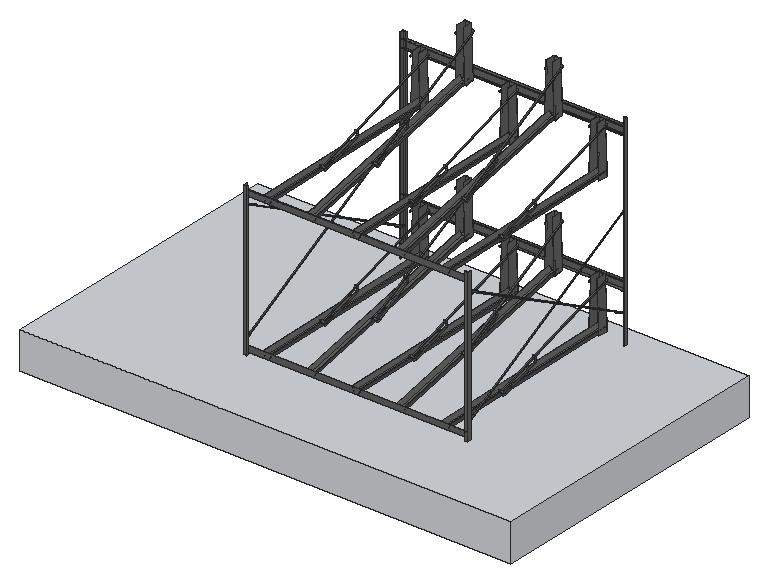
Revit family "Bike_Rack-Saris_Parking-Stretch_Rack", category Site, host Face, Revit 2014 (continued)
Definition of nested family "Bicycle-Saris_Parking-2D"
  Definition of nested family "LEFT"
    Lines and regions (in)
      model lines, style "Bike 2D", detail levels medium+fine
        curve 106: line (0, -21.09746, 12.70065) -> (0, -21.32757, 12.79838)
        curve 107: arc (0, -5.69218, 14.35613) -> (0, -5.59065, 14.4921) -> (0, -5.71626, 14.60619) r 0.12619
        curve 108: arc (0, -13.37848, 26.39811) -> (0, -13.68327, 26.22041) -> (0, -13.95705, 25.99787) r 2.28332
        curve 109: arc (0, -11.75933, 25.71042) -> (0, -11.99902, 25.49888) -> (0, -12.16738, 25.22711) r 1.09462
        curve 110: line (0, 5.85682, 15.07507) -> (0, 10.95116, 27.0753)
        curve 111: line (0, 12.04358, 26.72966) -> (0, 7.10683, 15.10066)
        curve 112: spline (0, 11.59515, 26.96467) -> (0, 11.58646, 26.97517) -> (0, 11.59089, 27.01207) -> (0, 11.60812, 27.07272) -> (0, 11.63693, 27.15276) -> (0, 11.67523, 27.24647) -> (0, 11.7203, 27.3471) -> (0, 11.76888, 27.44745) -> (0, 11.81749, 27.5403) -> (0, 11.86265, 27.619) -> (0, 11.90112, 27.6779) -> (0, 11.93013, 27.71277) -> (0, 11.9476, 27.72111)
        curve 113: arc (0, 5.08647, 15.05931) -> (0, 13.35572, 15.11623) -> (0, 21.60161, 14.49254) r 100.41611
        curve 114: arc (0, 2.21953, 10.62713) -> (0, 2.51533, 13.57912) -> (0, 5.08647, 15.05931) r 3.24803
        curve 115: arc (0, 7.30564, 9.31658) -> (0, 6.14159, 8.7021) -> (0, 4.82916, 8.60135) r 3.24016
        curve 116: arc (0, 4.82916, 8.60135) -> (0, 3.6254, 9.00727) -> (0, 2.67023, 9.8448) r 3.24016
        curve 117: arc (0, 2.67023, 9.8448) -> (0, 2.41583, 10.21923) -> (0, 2.21953, 10.62713) r 3.05648
        curve 118: arc (0, 8.1489, 10.38265) -> (0, 8.06709, 10.2274) -> (0, 7.97699, 10.07681) r 3.24016
        curve 119: line (0, 9.20645, 7.8671) -> (0, 5.68896, 10.5494)
        curve 120: line (0, 6.3917, 11.42256) -> (0, 10.35726, 8.05621)
        curve 121: arc (0, 1.25814, 16.05593) -> (0, 1.21661, 15.8701) -> (0, 1.07428, 15.7436) r 0.31
        curve 122: arc (0, 0.88633, 16.70944) -> (0, 1.11297, 16.63923) -> (0, 1.22358, 16.42933) r 0.31
        curve 123: line (0, 0.50795, 16.67442) -> (0, 0.88633, 16.70944)
        curve 124: line (0, 1.22358, 16.42933) -> (0, 1.25814, 16.05593)
        curve 125: arc (0, 5.51037, 10.62266) -> (0, 4.06486, 12.56028) -> (0, 6.27773, 11.58711) r 1.25
        curve 126: arc (0, 5.68896, 10.5494) -> (0, 4.8145, 11.03445) -> (0, 4.11535, 11.74938) r 3.45884
        curve 127: arc (0, 4.88304, 12.70325) -> (0, 5.73092, 12.1731) -> (0, 6.3917, 11.42256) r 3.45884
        curve 128: line (0, 4.12219, 12.03139) -> (0, 4.60901, 12.63628)
        curve 129: arc (0, 5.04301, 11.40716) -> (0, 4.66817, 11.78201) -> (0, 5.04301, 12.15686) r 0.37485
        curve 130: arc (0, 5.04301, 12.15686) -> (0, 5.41786, 11.78201) -> (0, 5.04301, 11.40716) r 0.37485
        curve 131: arc (0, 5.04301, 12.03186) -> (0, 5.29286, 11.78201) -> (0, 5.04301, 11.53216) r 0.24985
        curve 132: arc (0, 5.04301, 11.53216) -> (0, 4.79317, 11.78201) -> (0, 5.04301, 12.03186) r 0.24985
        curve 133: arc (0, 4.11535, 11.74938) -> (0, 4.07099, 11.89155) -> (0, 4.12219, 12.03139) r 0.23202
        curve 134: arc (0, 4.60901, 12.63628) -> (0, 4.73468, 12.7162) -> (0, 4.88304, 12.70325) r 0.23202
        curve 135: line (0, 9.67512, 7.85022) -> (0, 11.04267, 7.97679)
        curve 136: arc (0, 9.48707, 7.89307) -> (0, 9.58451, 7.88664) -> (0, 9.67512, 7.85022) r 0.31
        curve 137: line (0, 9.10869, 7.85805) -> (0, 9.48707, 7.89307)
        curve 138: arc (0, 8.82858, 7.5208) -> (0, 8.89879, 7.74744) -> (0, 9.10869, 7.85805) r 0.31
        curve 139: line (0, 8.86314, 7.14739) -> (0, 8.82858, 7.5208)
        curve 140: arc (0, 9.20039, 6.86728) -> (0, 8.97375, 6.93749) -> (0, 8.86314, 7.14739) r 0.31
        curve 141: line (0, 9.57877, 6.9023) -> (0, 9.20039, 6.86728)
        curve 142: arc (0, 9.75576, 6.97894) -> (0, 9.67338, 6.92651) -> (0, 9.57877, 6.9023) r 0.31
        curve 143: line (0, 11.12331, 7.10551) -> (0, 9.75576, 6.97894)
        curve 144: arc (0, 11.31136, 7.06266) -> (0, 11.21392, 7.06909) -> (0, 11.12331, 7.10551) r 0.31
        curve 145: line (0, 11.68975, 7.09768) -> (0, 11.31136, 7.06266)
        curve 146: arc (0, 11.96986, 7.43493) -> (0, 11.89965, 7.20829) -> (0, 11.68975, 7.09768) r 0.31
        curve 147: line (0, 11.9353, 7.80833) -> (0, 11.96986, 7.43493)
        curve 148: arc (0, 11.59805, 8.08844) -> (0, 11.82469, 8.01823) -> (0, 11.9353, 7.80833) r 0.31
        curve 149: line (0, 11.21967, 8.05342) -> (0, 11.59805, 8.08844)
        curve 150: arc (0, 11.04267, 7.97679) -> (0, 11.12506, 8.02922) -> (0, 11.21967, 8.05342) r 0.31
        curve 151: arc (0, 10.62433, 7.93807) -> (0, 10.48225, 7.97782) -> (0, 10.35726, 8.05621) r 0.51519
        curve 152: arc (0, 0.39339, 16.64072) -> (0, 0.44903, 16.66314) -> (0, 0.50795, 16.67442) r 0.31
        curve 153: line (0, 0.53318, 16.44788) -> (0, 1.15612, 15.63708)
        curve 154: line (0, -1.60303, 16.47905) -> (0, -1.27922, 16.50902)
        curve 155: arc (0, -1.88314, 16.1418) -> (0, -1.81293, 16.36844) -> (0, -1.60303, 16.47905) r 0.31
        curve 156: line (0, -1.84858, 15.76839) -> (0, -1.88314, 16.1418)
        curve 157: arc (0, -1.51133, 15.48828) -> (0, -1.73797, 15.55849) -> (0, -1.84858, 15.76839) r 0.31
        curve 158: line (0, -1.13295, 15.5233) -> (0, -1.51133, 15.48828)
        curve 159: arc (0, -0.95595, 15.59994) -> (0, -1.03834, 15.54751) -> (0, -1.13295, 15.5233) r 0.31
        curve 160: line (0, -0.64182, 15.62901) -> (0, -0.95595, 15.59994)
        curve 161: line (0, 1.92607, 14.76035) -> (0, 2.78517, 13.93894)
        curve 162: line (0, 1.15612, 15.63708) -> (0, 1.92607, 14.76035)
        curve 163: line (0, -0.00315, 17.1878) -> (0, 0.53318, 16.44788)
        curve 164: line (0, -0.47557, 17.85295) -> (0, -0.00315, 17.1878)
        curve 165: line (0, -0.90846, 18.47513) -> (0, -0.47557, 17.85295)
        curve 166: line (0, -1.3269, 19.08675) -> (0, -0.90846, 18.47513)
        curve 167: line (0, -1.75583, 19.7204) -> (0, -1.3269, 19.08675)
        curve 168: line (0, -2.2197, 20.40786) -> (0, -1.75583, 19.7204)
        curve 169: line (0, -2.7482, 21.18512) -> (0, -2.2197, 20.40786)
        curve 170: line (0, -3.39675, 22.0834) -> (0, -2.7482, 21.18512)
        curve 171: line (0, -4.22062, 23.10564) -> (0, -3.39675, 22.0834)
        curve 172: line (0, -5.27548, 24.25692) -> (0, -4.22062, 23.10564)
        curve 173: line (0, -6.70748, 25.63172) -> (0, -5.27548, 24.25692)
        curve 174: line (0, -6.48256, 23.43932) -> (0, -7.73301, 24.62038)
        curve 175: line (0, -7.73301, 24.62038) -> (0, -9.30179, 25.94455)
        curve 176: line (0, -5.49761, 22.38974) -> (0, -6.48256, 23.43932)
        curve 177: line (0, -4.72413, 21.45783) -> (0, -5.49761, 22.38974)
        curve 178: line (0, -4.10743, 20.62716) -> (0, -4.72413, 21.45783)
        curve 179: line (0, -3.59173, 19.87792) -> (0, -4.10743, 20.62716)
        curve 180: line (0, -3.13396, 19.19981) -> (0, -3.59173, 19.87792)
        curve 181: line (0, -2.7145, 18.57865) -> (0, -3.13396, 19.19981)
        curve 182: line (0, -2.31232, 17.98713) -> (0, -2.7145, 18.57865)
        curve 183: line (0, -1.90685, 17.39851) -> (0, -2.31232, 17.98713)
        curve 184: line (0, -1.47746, 16.78624) -> (0, -1.90685, 17.39851)
        curve 185: line (0, -1.00398, 16.12409) -> (0, -1.47746, 16.78624)
        curve 186: line (0, -0.46095, 15.38176) -> (0, -1.00398, 16.12409)
        curve 187: line (0, 0.20425, 14.53806) -> (0, -0.46095, 15.38176)
        curve 188: line (0, 1.04126, 13.6129) -> (0, 0.20425, 14.53806)
        curve 189: line (0, 2.09765, 12.62703) -> (0, 1.04126, 13.6129)
        curve 190: arc (0, -12.15224, 24.56747) -> (0, -12.54619, 24.15423) -> (0, -12.84021, 23.66482) r 2.59433
        curve 191: line (0, 11.9476, 27.72111) -> (0, 12.63039, 27.38225)
        curve 192: line (0, 11.59515, 26.96467) -> (0, 12.30491, 26.60906)
        curve 193: line (0, 12.30491, 26.60906) -> (0, 12.94292, 26.25664)
        curve 194: line (0, 12.63039, 27.38225) -> (0, 13.29917, 27.01616)
        curve 195: line (0, 13.29917, 27.01616) -> (0, 13.95287, 26.62342)
        curve 196: line (0, 12.94292, 26.25664) -> (0, 13.56644, 25.8788)
        curve 197: line (0, 13.56644, 25.8788) -> (0, 14.17448, 25.47613)
        curve 198: line (0, 14.63536, 25.77528) -> (0, 13.9979, 26.23751)
        curve 199: line (0, 15.19179, 26.54267) -> (0, 14.63536, 25.77528)
        curve 200: line (0, 13.95287, 26.62342) -> (0, 14.17292, 26.47889)
        curve 201: line (0, 14.33859, 26.70736) -> (0, 18.3302, 28.086)
        curve 202: line (0, 13.9979, 26.23751) -> (0, 14.33859, 26.70736)
        curve 203: line (0, 18.62067, 27.72695) -> (0, 15.19179, 26.54267)
        curve 204: line (0, 15.81318, 25.29183) -> (0, 15.21088, 25.76056)
        curve 205: line (0, 15.21088, 25.76056) -> (0, 14.82497, 26.03679)
        curve 206: line (0, 14.17448, 25.47613) -> (0, 14.76607, 25.04928)
        curve 207: line (0, 14.76607, 25.04928) -> (0, 15.34025, 24.59892)
        curve 208: arc (0, 8.81656, 15.13677) -> (0, 11.01438, 20.58926) -> (0, 15.2351, 24.6814) r 14.17697
        curve 209: line (0, 15.34025, 24.59892) -> (0, 15.8961, 24.12579)
        curve 210: line (0, 16.39639, 24.79921) -> (0, 15.81318, 25.29183)
        curve 211: line (0, 16.95956, 24.2835) -> (0, 16.39639, 24.79921)
        curve 212: arc (0, 16.00335, 25.1312) -> (0, 22.34486, 26.84836) -> (0, 28.77953, 25.52235) r 14.17697
        curve 213: line (0, 15.8961, 24.12579) -> (0, 16.43274, 23.63062)
        curve 214: arc (0, 10.41533, 15.17404) -> (0, 12.53481, 20.03641) -> (0, 16.46598, 23.59739) r 12.6128
        curve 215: line (0, 16.43274, 23.63062) -> (0, 17.15373, 22.90987)
        curve 216: line (0, 17.9036, 23.31367) -> (0, 17.5018, 23.74553)
        curve 217: line (0, 17.5018, 23.74553) -> (0, 16.95956, 24.2835)
        curve 218: arc (0, 17.23704, 24.00821) -> (0, 22.60417, 25.28962) -> (0, 28.00471, 24.15721) r 12.6128
        curve 219: line (0, 29.96514, 27.84457) -> (0, 18.62067, 27.72695)
        curve 220: line (0, 18.3302, 28.086) -> (0, 29.96514, 28.20663)
        curve 221: line (0, 30.35839, 28.42514) -> (0, 30.35839, 26.17514)
        curve 222: line (0, 30.13772, 26.17514) -> (0, 30.13772, 27.97094)
        curve 223: line (0, 30.35839, 26.17514) -> (0, 30.13772, 26.17514)
        curve 224: line (0, 30.13772, 28.42514) -> (0, 30.35839, 28.42514)
        curve 225: arc (0, 29.96514, 28.20663) -> (0, 30.14617, 28.0256) -> (0, 29.96514, 27.84457) r 0.18103
        curve 226: line (0, 30.13772, 28.08027) -> (0, 30.13772, 28.42514)
        curve 227: line (0, 22.47777, 14.41946) -> (0, 29.37262, 26.56729)
        curve 228: line (0, 29.60743, 26.43401) -> (0, 22.55705, 14.01216)
        curve 229: line (0, 29.08248, 27.60278) -> (0, 28.72064, 27.80591)
        curve 230: arc (0, 29.02364, 25.40545) -> (0, 32.84312, 22.66271) -> (0, 35.55538, 18.82153) r 14.17697
        curve 231: arc (0, 28.24997, 24.04235) -> (0, 31.66355, 21.63023) -> (0, 34.10137, 18.23496) r 12.6128
        curve 232: arc (0, 35.66189, 18.59492) -> (0, 35.94022, 17.94685) -> (0, 36.18598, 17.28574) r 14.17697
        curve 233: arc (0, 34.2095, 18.009) -> (0, 34.47434, 17.39973) -> (0, 34.70673, 16.77737) r 12.6128
        curve 234: line (0, 35.77393, 18.64012) -> (0, 23.19099, 13.56394)
        curve 235: line (0, 23.01162, 13.76116) -> (0, 35.66406, 18.86537)
        curve 236: line (0, 21.31716, 15.59136) -> (0, 21.51082, 14.88446)
        curve 237: line (0, 22.30338, 15.15956) -> (0, 22.47777, 14.41946)
        curve 238: spline (0, 22.34492, 13.53194) -> (0, 22.28256, 13.52108) -> (0, 22.21882, 13.51019) -> (0, 22.15525, 13.49953) -> (0, 22.09335, 13.48936) -> (0, 22.03462, 13.47993) -> (0, 21.98047, 13.47147) -> (0, 21.9322, 13.46416) -> (0, 21.89097, 13.4582) -> (0, 21.85777, 13.45372) -> (0, 21.83339, 13.45083) -> (0, 21.81843, 13.44961) -> (0, 21.81323, 13.45007)
        curve 239: line (0, 21.67626, 14.17032) -> (0, 21.81323, 13.45007)
        curve 240: line (0, 21.51082, 14.88446) -> (0, 21.67626, 14.17032)
        curve 241: line (0, 22.60444, 13.76799) -> (0, 22.55705, 14.01216)
        curve 242: line (0, 22.34492, 13.53194) -> (0, 22.82387, 13.96757)
        curve 243: line (0, 21.62524, 12.87737) -> (0, 22.34492, 13.53194)
        curve 244: line (0, 22.82387, 13.96757) -> (0, 23.29247, 13.45237)
        curve 245: line (0, 23.29247, 13.45237) -> (0, 24.37335, 13.01986)
        curve 246: line (0, 22.49425, 11.66018) -> (0, 23.55417, 11.75828)
        curve 247: line (0, 23.51905, 12.25716) -> (0, 22.32217, 12.14639)
        curve 248: arc (0, 22.73825, 11.68276) -> (0, 22.67911, 11.92839) -> (0, 22.69262, 12.18067) r 0.875
        curve 249: arc (0, 23.02933, 11.05804) -> (0, 22.6095, 11.22378) -> (0, 22.49425, 11.66018) r 0.5
        curve 250: line (0, 24.31925, 11.17742) -> (0, 23.02933, 11.05804)
        curve 251: arc (0, 24.77104, 11.72138) -> (0, 24.6578, 11.35583) -> (0, 24.31925, 11.17742) r 0.5
        curve 252: line (0, 24.68972, 12.60002) -> (0, 24.77104, 11.72138)
        curve 253: arc (0, 24.37335, 13.01986) -> (0, 24.59116, 12.85487) -> (0, 24.68972, 12.60002) r 0.50004
        curve 254: arc (0, 23.55046, 12.25825) -> (0, 23.80045, 12.0101) -> (0, 23.55417, 11.75828) r 0.25
        curve 255: arc (0, 23.55046, 11.75825) -> (0, 23.30046, 12.00825) -> (0, 23.55046, 12.25825) r 0.25
        curve 256: arc (0, 8.88549, 12.42689) -> (0, 15.30416, 13.44303) -> (0, 21.80182, 13.55356) r 46.45669
        curve 257: line (0, 22.32217, 11.66532) -> (0, 11.42003, 11.47503)
        curve 258: arc (0, 11.68176, 15.13655) -> (0, 13.57633, 19.61552) -> (0, 17.15373, 22.90987) r 11.49213
        curve 259: arc (0, 17.9036, 23.31367) -> (0, 20.37098, 24.19391) -> (0, 22.9736, 24.4925) r 11.49213
        curve 260: arc (0, 22.9736, 24.4925) -> (0, 25.35578, 24.24289) -> (0, 27.63448, 23.50491) r 11.49213
        curve 261: arc (0, 27.88089, 23.39208) -> (0, 31.08979, 21.1365) -> (0, 33.35323, 17.93315) r 11.49213
        curve 262: arc (0, 33.4582, 17.70592) -> (0, 32.62103, 6.75568) -> (0, 22.9736, 1.50825) r 11.49213
        curve 263: arc (0, 34.86283, 16.83101) -> (0, 33.07005, 5.64583) -> (0, 22.9736, 0.50928) r 12.4911
        curve 264: arc (0, 22.9736, 1.50825) -> (0, 15.40485, 4.35266) -> (0, 11.58278, 11.47787) r 11.49213
        curve 265: arc (0, 22.9736, 0.50928) -> (0, 16.5028, 2.31599) -> (0, 11.90386, 7.21347) r 12.4911
        curve 266: arc (0, 11.49298, 8.07872) -> (0, 10.91625, 9.73728) -> (0, 10.57781, 11.46033) r 12.4911
        curve 267: arc (0, 11.48539, 12.70038) -> (0, 11.48282, 12.82473) -> (0, 11.48159, 12.9491) r 11.49213
        curve 268: line (0, 11.42003, 11.47503) -> (0, 9.59496, 11.44317)
        curve 269: line (0, 9.59496, 11.44317) -> (0, 8.46689, 11.42348)
        curve 270: arc (0, 8.4891, 11.9128) -> (0, 8.59537, 12.24073) -> (0, 8.88549, 12.42689) r 0.51181
        curve 271: arc (0, 8.4891, 11.9128) -> (0, 8.47248, 11.47264) -> (0, 8.39645, 11.03878) r 3.24803
        curve 272: arc (0, 8.39645, 11.03878) -> (0, 8.29229, 10.70331) -> (0, 8.1489, 10.38265) r 2.94237
        curve 273: line (0, 11.39867, 12.69887) -> (0, 10.14198, 12.69887)
        curve 274: line (0, 11.98589, 13.03281) -> (0, 11.98589, 12.70912)
        curve 275: line (0, 12.13535, 13.05653) -> (0, 12.13535, 12.71173)
        curve 276: line (0, 21.62524, 12.87737) -> (0, 11.39867, 12.69887)
        curve 277: arc (0, -8.30259, 14.10478) -> (0, -11.23385, 5.27454) -> (0, -19.74152, 1.50825) r 11.49213
        curve 278: arc (0, -19.74152, 1.50825) -> (0, -31.23365, 13.00037) -> (0, -19.74152, 24.4925) r 11.49213
        curve 279: line (0, 22.32217, 12.14639) -> (0, 22.32217, 11.66532)
        curve 280: arc (0, 29.37262, 26.56729) -> (0, 29.44221, 27.14518) -> (0, 29.08248, 27.60278) r 0.75989
        curve 281: arc (0, 29.21984, 27.83684) -> (0, 29.70434, 27.21575) -> (0, 29.60743, 26.43401) r 1.02869
        curve 282: arc (0, 35.77393, 18.64012) -> (0, 35.81259, 18.7984) -> (0, 35.66406, 18.86537) r 0.12746
        curve 283: line (0, 36.18598, 17.28574) -> (0, 34.70673, 16.77737)
        curve 284: arc (0, 21.31716, 15.59136) -> (0, 19.69496, 19.51202) -> (0, 17.15373, 22.90987) r 17.02717
        curve 285: arc (0, 22.30338, 15.15956) -> (0, 20.64355, 19.52802) -> (0, 17.9036, 23.31367) r 17.79365
        curve 286: arc (0, 17.50432, 22.53505) -> (0, 14.05765, 19.40686) -> (0, 12.17553, 15.14978) r 11.22948
        curve 287: arc (0, 17.60227, 22.42617) -> (0, 14.18209, 19.35856) -> (0, 12.34911, 15.14572) r 10.7845
        curve 288: arc (0, 27.38568, 23.06656) -> (0, 22.80667, 23.98907) -> (0, 18.25762, 22.92867) r 11.00194
        curve 289: arc (0, 10.04684, 11.45106) -> (0, 10.39885, 9.73301) -> (0, 10.9716, 8.07543) r 13.4385
        curve 290: arc (0, 11.31136, 7.06266) -> (0, 27.91123, 0.92789) -> (0, 35.3343, 16.99305) r 13.03775
        curve 291: arc (0, 32.85983, 17.46452) -> (0, 26.00992, 2.53977) -> (0, 12.24132, 11.48936) r 10.84899
        curve 292: arc (0, 12.08797, 11.48669) -> (0, 26.02571, 2.42327) -> (0, 32.99317, 17.51831) r 10.99296
        curve 293: arc (0, 32.88735, 17.7452) -> (0, 30.7168, 20.81064) -> (0, 27.63213, 22.9538) r 10.86472
        curve 294: arc (0, 27.56116, 22.82874) -> (0, 30.59662, 20.70397) -> (0, 32.75339, 17.69116) r 10.98923
        curve 295: arc (0, 27.31469, 22.94148) -> (0, 22.82243, 23.84165) -> (0, 18.35708, 22.81631) r 10.90026
        curve 296: arc (0, -8.94529, 14.04289) -> (0, -28.4992, 6.65313) -> (0, -15.3918, 22.93687) r 10.83243
        curve 297: arc (0, -15.3356, 23.06917) -> (0, -28.67449, 6.52509) -> (0, -8.8022, 14.05667) r 11.01012
        curve 298: arc (0, -8.97213, 14.29269) -> (0, -10.74261, 19.05992) -> (0, -14.49348, 22.49389) r 10.83243
        curve 299: arc (0, -14.43765, 22.62533) -> (0, -10.63095, 19.14179) -> (0, -8.82946, 14.30643) r 11.01012
      model lines, style "Bike 2D", detail levels coarse
        curve 2: line (0, -32.73252, 42.79206) -> (0, 36.18684, 42.79206)
        curve 300: line (0, 36.18684, 0.00825) -> (0, -32.73252, 0.00825)
        curve 301: line (0, 36.18684, 42.79206) -> (0, 36.18684, 0.00825)
        curve 302: line (0, -32.73252, 0.00825) -> (0, -32.73252, 42.79206)
    Dimensions and locks (in)
      aligned and locked: plane 2 to level
Definition of nested family "REFLVL"
  Reference planes (in)
    plane 1 "Center (Front/Back)": y = 0
    plane 2: z = 0
    plane 3 "Center (Left/Right)": x = 0
  Lines and regions (in)
    symbolic lines, style "Bike 2D", detail levels medium+fine
      curve 1: line (-1.76035, 34.28438, 0) -> (-1.76035, 30.15007, 0)
      curve 2: line (-1.51035, 30.15007, 0) -> (-1.51035, 34.19814, 0)
      curve 3: line (-1.44526, 34.59773, 0) -> (-1.44526, 30.15007, 0)
      curve 4: line (1.43596, 34.59773, 0) -> (1.43596, 30.15007, 0)
      curve 5: line (1.50104, 34.19814, 0) -> (1.50104, 30.15007, 0)
      curve 6: line (1.75104, 30.15007, 0) -> (1.75104, 34.28438, 0)
      curve 7: arc (-1.37764, 35.22185, 0) -> (-0.00465, 36.19834, 0) -> (1.36833, 35.22185, 0) r 1.45348
      curve 8: arc (-1.76035, 34.28438, 0) -> (-1.1936, 35.41197, 0) -> (-0.00465, 35.83516, 0) r 1.69461
      curve 9: arc (-0.00465, 35.5852, 0) -> (-1.05417, 35.21372, 0) -> (-1.51035, 34.19814, 0) r 1.41535
      curve 10: arc (1.75104, 34.28438, 0) -> (1.18429, 35.41197, 0) -> (-0.00465, 35.83516, 0) r 1.69461
      curve 11: arc (-0.00465, 35.5852, 0) -> (1.04487, 35.21372, 0) -> (1.50104, 34.19814, 0) r 1.41535
      curve 12: line (-1.09029, 30.37075, 0) -> (1.08099, 30.37075, 0)
      curve 13: line (-1.09029, 30.15007, 0) -> (-1.09029, 30.37075, 0)
      curve 14: line (-2.11177, 20.37545, 0) -> (-2.11177, 30.15007, 0)
      curve 15: line (2.10247, 30.15007, 0) -> (-2.11177, 30.15007, 0)
      curve 16: line (1.08099, 30.15007, 0) -> (1.08099, 30.37075, 0)
      curve 17: line (2.10247, 20.37545, 0) -> (2.10247, 30.15007, 0)
      curve 18: line (-2.62965, 24.78553, 0) -> (-2.25465, 24.78553, 0)
      curve 19: line (-2.62965, 22.34422, 0) -> (-2.62965, 24.78553, 0)
      curve 20: line (-2.62965, 23.81282, 0) -> (-2.71298, 23.81282, 0)
      curve 21: line (-2.71298, 23.81282, 0) -> (-2.71298, 23.31282, 0)
      curve 22: line (-2.71298, 23.31282, 0) -> (-2.62965, 23.31282, 0)
      curve 23: line (-2.11177, 25.1083, 0) -> (-2.62353, 22.34473, 0)
      curve 24: line (-2.25465, 24.78553, 0) -> (-2.25465, 24.38571, 0)
      curve 25: line (-2.25465, 22.85389, 0) -> (-2.11177, 23.62547, 0)
      curve 26: line (-2.25465, 22.85389, 0) -> (-2.25465, 22.64937, 0)
      curve 27: spline (-2.11177, 22.61798, 0) -> (-2.12315, 22.62248, 0) -> (-2.13465, 22.62664, 0) -> (-2.14628, 22.63047, 0) -> (-2.15802, 22.63396, 0) -> (-2.16986, 22.6371, 0) -> (-2.18178, 22.63991, 0) -> (-2.19379, 22.64236, 0) -> (-2.20587, 22.64447, 0) -> (-2.218, 22.64622, 0) -> (-2.23018, 22.64763, 0) -> (-2.2424, 22.64868, 0) -> (-2.25465, 22.64937, 0)
      curve 28: line (-2.7074, 22.33771, 0) -> (-2.44814, 20.22624, 0)
      curve 29: line (-2.88634, 22.32273, 0) -> (-2.76709, 20.05839, 0)
      curve 30: line (-2.62965, 22.34422, 0) -> (-2.88634, 22.32273, 0)
      curve 31: arc (-0.00465, 20.7708, 0) -> (-1.69939, 20.52293, 0) -> (-3.23321, 19.76071, 0) r 5.44335
      curve 32: arc (-3.23321, 19.76071, 0) -> (-4.06719, 16.42019, 0) -> (-2.97639, 13.1545, 0) r 6.15429
      curve 33: arc (-2.97639, 13.1545, 0) -> (-1.78498, 12.01981, 0) -> (-1.17923, 10.49009, 0) r 3.83192
      curve 34: line (-0.71107, 10.05492, 0) -> (0.70177, 10.05492, 0)
      curve 35: arc (-1.17923, 10.49009, 0) -> (-0.99063, 10.22357, 0) -> (-0.71107, 10.05492, 0) r 0.7978
      curve 36: line (2.62035, 24.78553, 0) -> (2.24535, 24.78553, 0)
      curve 37: line (2.62035, 22.34422, 0) -> (2.62035, 24.78553, 0)
      curve 38: line (2.62035, 23.81282, 0) -> (2.70368, 23.81282, 0)
      curve 39: line (2.70368, 23.81282, 0) -> (2.70368, 23.31282, 0)
      curve 40: line (2.70368, 23.31282, 0) -> (2.62035, 23.31282, 0)
      curve 41: line (2.10247, 25.1083, 0) -> (2.61423, 22.34473, 0)
      curve 42: line (2.24535, 24.78553, 0) -> (2.24535, 24.38571, 0)
      curve 43: line (2.24535, 22.85389, 0) -> (2.10247, 23.62547, 0)
      curve 44: line (2.24535, 22.85389, 0) -> (2.24535, 22.64937, 0)
      curve 45: spline (2.10247, 22.61798, 0) -> (2.11384, 22.62248, 0) -> (2.12535, 22.62664, 0) -> (2.13698, 22.63047, 0) -> (2.14872, 22.63396, 0) -> (2.16055, 22.6371, 0) -> (2.17248, 22.63991, 0) -> (2.18449, 22.64236, 0) -> (2.19656, 22.64447, 0) -> (2.2087, 22.64622, 0) -> (2.22088, 22.64763, 0) -> (2.2331, 22.64868, 0) -> (2.24535, 22.64937, 0)
      curve 46: line (2.69809, 22.33771, 0) -> (2.43884, 20.22624, 0)
      curve 47: line (2.87704, 22.32273, 0) -> (2.75779, 20.05839, 0)
      curve 48: line (2.62035, 22.34422, 0) -> (2.87704, 22.32273, 0)
      curve 49: arc (-0.00465, 20.7708, 0) -> (1.69009, 20.52293, 0) -> (3.22391, 19.76071, 0) r 5.44335
      curve 50: arc (3.22391, 19.76071, 0) -> (4.05789, 16.42019, 0) -> (2.96709, 13.1545, 0) r 6.15429
      curve 51: arc (2.96709, 13.1545, 0) -> (1.77568, 12.01981, 0) -> (1.16992, 10.49009, 0) r 3.83192
      curve 52: arc (1.16992, 10.49009, 0) -> (0.98133, 10.22357, 0) -> (0.70177, 10.05492, 0) r 0.7978
      curve 53: line (-3.35465, 8.83962, 0) -> (-6.85465, 8.83962, 0)
      curve 54: line (-6.85465, 8.83962, 0) -> (-6.85465, 11.98354, 0)
      curve 55: line (-6.85465, 11.98354, 0) -> (-3.35465, 11.98354, 0)
      curve 56: line (-3.35465, 11.98354, 0) -> (-3.35465, 8.83962, 0)
      curve 57: line (-2.3112, 11.40158, 0) -> (-2.38004, 12.70866, 0)
      curve 58: line (-2.25465, 2.00687, 0) -> (-2.25465, 12.57175, 0)
      curve 59: line (-2.11177, 12.42117, 0) -> (-2.11177, 2.00744, 0)
      curve 60: line (-1.57514, 11.66986, 0) -> (-1.44526, 10.6084, 0)
      curve 61: line (-1.44526, 11.39942, 0) -> (-1.44526, 10.10946, 0)
      curve 62: line (-1.32535, 9.6284, 0) -> (-0.72145, 7.20566, 0)
      curve 63: line (-2.11177, 9.74592, 0) -> (-1.495, 6.43862, 0)
      curve 64: line (-2.41715, 10.87194, 0) -> (-2.41715, 6.40406, 0)
      curve 65: line (-2.79215, 6.40406, 0) -> (-2.79215, 10.87194, 0)
      curve 66: line (-2.79215, 10.87194, 0) -> (-2.41715, 10.87194, 0)
      curve 67: line (-2.25465, 10.86337, 0) -> (-2.3112, 11.40158, 0)
      curve 68: arc (-1.44526, 10.10946, 0) -> (-1.23077, 9.45644, 0) -> (-0.72145, 8.99488, 0) r 1.34395
      curve 69: line (-0.72145, 10.05863, 0) -> (-0.72145, 8.91339, 0)
      curve 70: line (-2.79215, 6.40406, 0) -> (-2.41715, 6.40406, 0)
      curve 71: line (-2.79215, 4.08328, 0) -> (-2.79215, 6.40406, 0)
      curve 72: line (-2.41715, 6.40406, 0) -> (-2.41715, 4.08328, 0)
      curve 73: line (-2.41715, 4.08328, 0) -> (-2.79215, 4.08328, 0)
      curve 74: line (-2.11177, 2.00744, 0) -> (-2.25465, 2.00687, 0)
      curve 75: line (-0.72145, 3.80614, 0) -> (-1.62965, 3.80614, 0)
      curve 76: line (-1.62965, 3.80614, 0) -> (-1.62965, 6.30537, 0)
      curve 77: line (-1.62965, 6.30537, 0) -> (-1.495, 6.30537, 0)
      curve 78: line (-1.495, 6.43862, 0) -> (-1.495, 6.30537, 0)
      curve 79: line (-0.72145, 8.91339, 0) -> (-0.72145, -9.48759, 0)
      curve 80: line (-1.62965, 5.43022, 0) -> (-2.11177, 5.43022, 0)
      curve 81: line (-2.11177, 4.68052, 0) -> (-1.62965, 4.68052, 0)
      curve 82: line (-2.41715, 4.68052, 0) -> (-2.25465, 4.68052, 0)
      curve 83: line (-2.25465, 5.43022, 0) -> (-2.41715, 5.43022, 0)
      curve 84: line (2.3019, 11.40158, 0) -> (2.37073, 12.70866, 0)
      curve 85: line (1.56584, 11.66986, 0) -> (1.43596, 10.6084, 0)
      curve 86: line (1.43596, 11.39942, 0) -> (1.43596, 10.10946, 0)
      curve 87: line (1.31605, 9.6284, 0) -> (0.71215, 7.20566, 0)
      curve 88: line (2.16081, 10.05878, 0) -> (1.4857, 6.43862, 0)
      curve 89: line (2.16081, 10.05878, 0) -> (2.3019, 11.40158, 0)
      curve 90: arc (1.43596, 10.10946, 0) -> (1.22146, 9.45644, 0) -> (0.71215, 8.99488, 0) r 1.34395
      curve 91: line (0.71215, 10.05863, 0) -> (0.71215, 8.91339, 0)
      curve 92: line (0.71215, 3.80614, 0) -> (1.62035, 3.80614, 0)
      curve 93: line (1.62035, 3.80614, 0) -> (1.62035, 6.30537, 0)
      curve 94: line (1.62035, 6.30537, 0) -> (1.4857, 6.30537, 0)
      curve 95: line (1.4857, 6.43862, 0) -> (1.4857, 6.30537, 0)
      curve 96: line (0.71215, 8.91339, 0) -> (0.71215, -9.48759, 0)
      curve 97: line (1.62035, 5.43022, 0) -> (2.05785, 5.43022, 0)
      curve 98: line (2.05785, 4.68052, 0) -> (1.62035, 4.68052, 0)
      curve 99: line (2.43285, 6.02747, 0) -> (2.05785, 6.02747, 0)
      curve 100: line (2.05785, 6.02747, 0) -> (2.05785, 4.40943, 0)
      curve 101: line (2.05785, 4.40943, 0) -> (2.43285, 4.40943, 0)
      curve 102: line (2.43285, 4.40943, 0) -> (2.43285, 6.02747, 0)
      curve 103: line (2.43285, -0.7615, 0) -> (2.43285, 4.40943, 0)
      curve 104: line (2.05785, 4.40943, 0) -> (2.05785, -0.7615, 0)
      curve 105: line (2.05785, -0.7615, 0) -> (2.43285, -0.7615, 0)
      curve 106: line (2.99535, -1.8721, 0) -> (2.99535, 1.27182, 0)
      curve 107: line (6.49535, 1.27182, 0) -> (6.49535, -1.8721, 0)
      curve 108: line (2.99535, 1.27182, 0) -> (6.49535, 1.27182, 0)
      curve 109: line (6.49535, -1.8721, 0) -> (2.99535, -1.8721, 0)
      curve 110: line (-6.74423, -4.40772, 0) -> (-8.60753, -1.19229, 0)
      curve 111: line (-7.69029, -5.14871, 0) -> (-5.36114, -9.18292, 0)
      curve 112: line (-4.54582, -8.59509, 0) -> (-6.82506, -4.64733, 0)
      curve 113: line (-9.79413, -1.87991, 0) -> (-7.93084, -5.09534, 0)
      curve 114: spline (-8.60753, -1.19229, 0) -> (-8.65492, -1.15711, 0) -> (-8.73952, -1.14775, 0) -> (-8.85555, -1.16486, 0) -> (-8.99512, -1.20726, 0) -> (-9.1487, -1.27208, 0) -> (-9.30584, -1.35489, 0) -> (-9.45582, -1.45005, 0) -> (-9.58842, -1.55107, 0) -> (-9.69461, -1.65108, 0) -> (-9.76715, -1.74325, 0) -> (-9.8011, -1.8213, 0) -> (-9.79413, -1.87991, 0)
      curve 115: arc (-6.82506, -4.64733, 0) -> (-6.73038, -4.54583, 0) -> (-6.74423, -4.40772, 0) r 0.16822
      curve 116: arc (-7.69029, -5.14871, 0) -> (-7.82228, -5.17482, 0) -> (-7.93084, -5.09534, 0) r 0.16737
      curve 117: line (-1.76099, -7.33346, 0) -> (-1.76099, -9.49474, 0)
      curve 118: line (-1.50978, -9.49432, 0) -> (-1.50978, -7.33346, 0)
      curve 119: line (-1.44526, -7.3743, 0) -> (-1.44526, -9.48759, 0)
      curve 120: line (-0.62965, -9.48759, 0) -> (-2.18187, -9.48759, 0)
      curve 121: line (-2.15732, -10.48759, 0) -> (-0.62965, -10.48759, 0)
      curve 122: line (-1.76099, -10.48049, 0) -> (-1.76099, -12.54985, 0)
      curve 123: line (-1.50978, -12.32983, 0) -> (-1.50978, -10.48091, 0)
      curve 124: line (-1.44526, -10.47432, 0) -> (-1.44526, -12.27333, 0)
      curve 125: line (-1.00465, -10.48759, 0) -> (-1.00465, -11.88743, 0)
      curve 126: line (-1.00465, -11.88743, 0) -> (-2.45779, -13.16011, 0)
      curve 127: arc (-4.54582, -8.59509, 0) -> (-3.44528, -9.25703, 0) -> (-2.18187, -9.48759, 0) r 3.57695
      curve 128: arc (-2.15732, -10.48759, 0) -> (-3.88696, -10.14892, 0) -> (-5.36114, -9.18292, 0) r 4.58608
      curve 129: arc (-1.44526, -7.3743, 0) -> (-1.25296, -6.60654, 0) -> (-0.72145, -6.02008, 0) r 1.62874
      curve 130: arc (-1.50978, -7.33346, 0) -> (-1.29757, -6.56748, 0) -> (-0.72145, -6.01989, 0) r 1.48854
      curve 131: arc (-1.76099, -7.33346, 0) -> (-1.47821, -6.38074, 0) -> (-0.72145, -5.73657, 0) r 1.74629
      curve 132: line (6.73493, -4.40772, 0) -> (8.59822, -1.19229, 0)
      curve 133: line (7.68099, -5.14871, 0) -> (5.35184, -9.18292, 0)
      curve 134: line (4.53652, -8.59509, 0) -> (6.81576, -4.64733, 0)
      curve 135: line (9.79351, -1.86494, 0) -> (7.92154, -5.09534, 0)
      curve 136: spline (8.59822, -1.19229, 0) -> (8.64562, -1.15711, 0) -> (8.73021, -1.14775, 0) -> (8.84625, -1.16486, 0) -> (8.98582, -1.20726, 0) -> (9.1394, -1.27208, 0) -> (9.29654, -1.35489, 0) -> (9.44652, -1.45005, 0) -> (9.57912, -1.55107, 0) -> (9.68531, -1.65108, 0) -> (9.75785, -1.74325, 0) -> (9.79179, -1.8213, 0) -> (9.78483, -1.87991, 0)
      curve 137: arc (6.81576, -4.64733, 0) -> (6.72108, -4.54583, 0) -> (6.73493, -4.40772, 0) r 0.16822
      curve 138: arc (7.68099, -5.14871, 0) -> (7.81298, -5.17482, 0) -> (7.92154, -5.09534, 0) r 0.16737
      curve 139: line (1.75169, -7.33346, 0) -> (1.75169, -9.49474, 0)
      curve 140: line (1.50047, -9.49432, 0) -> (1.50047, -7.33346, 0)
      curve 141: line (1.43596, -7.3743, 0) -> (1.43596, -9.48759, 0)
      curve 142: line (0.71215, -9.48759, 0) -> (2.17257, -9.48759, 0)
      curve 143: line (2.14802, -10.48759, 0) -> (0.62035, -10.48759, 0)
      curve 144: line (1.75169, -10.48049, 0) -> (1.75169, -12.54985, 0)
      curve 145: line (1.50047, -12.32983, 0) -> (1.50047, -10.48091, 0)
      curve 146: line (1.43596, -10.47432, 0) -> (1.43596, -12.27333, 0)
      curve 147: line (0.99535, -10.48759, 0) -> (0.99535, -11.88743, 0)
      curve 148: line (0.99535, -11.88743, 0) -> (2.44849, -13.16011, 0)
      curve 149: arc (4.53652, -8.59509, 0) -> (3.43598, -9.25703, 0) -> (2.17257, -9.48759, 0) r 3.57695
      curve 150: arc (2.14802, -10.48759, 0) -> (3.87766, -10.14892, 0) -> (5.35184, -9.18292, 0) r 4.58608
      curve 151: arc (1.43596, -7.3743, 0) -> (1.24365, -6.60654, 0) -> (0.71215, -6.02008, 0) r 1.62874
      curve 152: arc (1.50047, -7.33346, 0) -> (1.28826, -6.56748, 0) -> (0.71215, -6.01989, 0) r 1.48854
      curve 153: arc (1.75169, -7.33346, 0) -> (1.46891, -6.38074, 0) -> (0.71215, -5.73657, 0) r 1.74629
      curve 154: spline (-0.00465, -7.95937, 0) -> (0.12476, -7.94368, 0) -> (0.24535, -7.89771, 0) -> (0.3489, -7.82457, 0) -> (0.42836, -7.72926, 0) -> (0.47831, -7.61827, 0) -> (0.49535, -7.49915, 0) -> (0.47831, -7.38004, 0) -> (0.42836, -7.26905, 0) -> (0.3489, -7.17374, 0) -> (0.24535, -7.1006, 0) -> (0.12476, -7.05463, 0) -> (-0.00465, -7.03894, 0)
      curve 155: spline (-0.00465, -7.03894, 0) -> (-0.13406, -7.05463, 0) -> (-0.25465, -7.1006, 0) -> (-0.3582, -7.17374, 0) -> (-0.43766, -7.26905, 0) -> (-0.48761, -7.38004, 0) -> (-0.50465, -7.49915, 0) -> (-0.48761, -7.61827, 0) -> (-0.43766, -7.72926, 0) -> (-0.3582, -7.82457, 0) -> (-0.25465, -7.89771, 0) -> (-0.13406, -7.94368, 0) -> (-0.00465, -7.95937, 0)
      curve 156: line (-0.50465, -7.49915, 0) -> (-0.50465, -9.32024, 0)
      curve 157: line (0.49535, -9.32024, 0) -> (0.49535, -7.49915, 0)
      curve 158: line (-0.62965, -9.32024, 0) -> (0.62035, -9.32024, 0)
      curve 159: line (-0.62965, -11.02577, 0) -> (-0.62965, -9.32024, 0)
      curve 160: line (0.62035, -9.32024, 0) -> (0.62035, -11.02577, 0)
      curve 161: line (0.62035, -11.02577, 0) -> (-0.62965, -11.02577, 0)
      curve 162: spline (-2.45779, -13.16011, 0) -> (-2.55546, -13.26827, 0) -> (-2.62322, -13.39425, 0) -> (-2.6574, -13.53121, 0) -> (-2.65615, -13.67172, 0) -> (-2.61953, -13.80814, 0) -> (-2.54953, -13.93308, 0) -> (-2.44995, -14.03976, 0) -> (-2.3262, -14.12237, 0) -> (-2.18499, -14.17644, 0) -> (-2.03399, -14.19903, 0) -> (-1.8814, -14.18891, 0) -> (-1.73549, -14.14663, 0)
      curve 163: spline (1.72619, -14.14663, 0) -> (1.87209, -14.18891, 0) -> (2.02469, -14.19903, 0) -> (2.17568, -14.17644, 0) -> (2.31689, -14.12237, 0) -> (2.44065, -14.03976, 0) -> (2.54023, -13.93308, 0) -> (2.61023, -13.80814, 0) -> (2.64685, -13.67172, 0) -> (2.6481, -13.53121, 0) -> (2.61392, -13.39425, 0) -> (2.54615, -13.26827, 0) -> (2.44849, -13.16011, 0)
      curve 164: line (1.30088, -13.97108, 0) -> (1.72619, -14.14663, 0)
      curve 165: line (-1.73549, -14.14663, 0) -> (-1.31018, -13.97108, 0)
      curve 166: spline (-0.4929, -13.24896, 0) -> (-0.41703, -13.28422, 0) -> (-0.33819, -13.31342, 0) -> (-0.25694, -13.33635, 0) -> (-0.17386, -13.35285, 0) -> (-0.08956, -13.3628, 0) -> (-0.00465, -13.36612, 0) -> (0.08026, -13.3628, 0) -> (0.16456, -13.35285, 0) -> (0.24763, -13.33635, 0) -> (0.32889, -13.31342, 0) -> (0.40773, -13.28422, 0) -> (0.4836, -13.24896, 0)
      curve 167: line (-1.31018, -14.76604, 0) -> (-1.73549, -14.94159, 0)
      curve 168: spline (-2.66127, -14.39152, 0) -> (-2.65223, -14.49122, 0) -> (-2.62537, -14.58819, 0) -> (-2.58143, -14.67974, 0) -> (-2.52161, -14.76335, 0) -> (-2.44756, -14.83674, 0) -> (-2.36131, -14.89786, 0) -> (-2.26526, -14.94506, 0) -> (-2.16202, -14.97701, 0) -> (-2.05446, -14.99285, 0) -> (-1.94553, -14.99214, 0) -> (-1.83822, -14.97489, 0) -> (-1.73549, -14.94159, 0)
      curve 169: line (-2.66127, -13.59656, 0) -> (-2.66127, -14.39152, 0)
      curve 170: line (-1.31018, -14.76604, 0) -> (-1.31018, -13.97108, 0)
      curve 171: arc (-1.31018, -13.97108, 0) -> (-0.97472, -13.52719, 0) -> (-0.4929, -13.24896, 0) r 1.40041
      curve 172: arc (1.30088, -13.97108, 0) -> (0.96542, -13.52719, 0) -> (0.4836, -13.24896, 0) r 1.40041
      curve 173: line (1.30088, -14.76604, 0) -> (1.72619, -14.94159, 0)
      curve 174: spline (2.65197, -14.39152, 0) -> (2.64293, -14.49122, 0) -> (2.61607, -14.58819, 0) -> (2.57212, -14.67974, 0) -> (2.5123, -14.76335, 0) -> (2.43825, -14.83674, 0) -> (2.35201, -14.89786, 0) -> (2.25595, -14.94506, 0) -> (2.15272, -14.97701, 0) -> (2.04516, -14.99285, 0) -> (1.93622, -14.99214, 0) -> (1.82892, -14.97489, 0) -> (1.72619, -14.94159, 0)
      curve 175: line (2.65197, -13.59656, 0) -> (2.65197, -14.39152, 0)
      curve 176: line (1.30088, -14.76604, 0) -> (1.30088, -13.97108, 0)
      curve 177: line (-2.50465, -14.78242, 0) -> (-2.50465, -19.30431, 0)
      curve 178: line (2.49535, -19.30431, 0) -> (2.49535, -14.78242, 0)
      curve 179: spline (-2.50465, -19.30431, 0) -> (-2.50103, -19.35961, 0) -> (-2.49021, -19.41411, 0) -> (-2.47236, -19.46702, 0) -> (-2.44773, -19.51757, 0) -> (-2.41667, -19.56503, 0) -> (-2.37965, -19.60871, 0) -> (-2.33719, -19.64798, 0) -> (-2.28992, -19.68227, 0) -> (-2.23851, -19.71109, 0) -> (-2.1837, -19.734, 0) -> (-2.12631, -19.75069, 0) -> (-2.06715, -19.76091, 0)
      curve 180: spline (-1.94215, -19.76091, 0) -> (-1.88299, -19.75069, 0) -> (-1.8256, -19.734, 0) -> (-1.7708, -19.71109, 0) -> (-1.71939, -19.68227, 0) -> (-1.67211, -19.64798, 0) -> (-1.62965, -19.60871, 0) -> (-1.59263, -19.56503, 0) -> (-1.56158, -19.51757, 0) -> (-1.53694, -19.46702, 0) -> (-1.51909, -19.41411, 0) -> (-1.50827, -19.35961, 0) -> (-1.50465, -19.30431, 0)
      curve 181: spline (1.49535, -19.30431, 0) -> (1.49897, -19.35961, 0) -> (1.50979, -19.41411, 0) -> (1.52764, -19.46702, 0) -> (1.55227, -19.51757, 0) -> (1.58333, -19.56503, 0) -> (1.62035, -19.60871, 0) -> (1.66281, -19.64798, 0) -> (1.71008, -19.68227, 0) -> (1.76149, -19.71109, 0) -> (1.8163, -19.734, 0) -> (1.87369, -19.75069, 0) -> (1.93285, -19.76091, 0)
      curve 182: spline (2.05785, -19.76091, 0) -> (2.11701, -19.75069, 0) -> (2.1744, -19.734, 0) -> (2.2292, -19.71109, 0) -> (2.28061, -19.68227, 0) -> (2.32789, -19.64798, 0) -> (2.37035, -19.60871, 0) -> (2.40737, -19.56503, 0) -> (2.43842, -19.51757, 0) -> (2.46306, -19.46702, 0) -> (2.48091, -19.41411, 0) -> (2.49173, -19.35961, 0) -> (2.49535, -19.30431, 0)
      curve 183: line (-1.50465, -19.30431, 0) -> (-1.50465, -14.84631, 0)
      curve 184: line (-1.48493, -17.29931, 0) -> (-0.74741, -15.34736, 0)
      curve 185: spline (-0.00465, -17.2361, 0) -> (-0.17662, -17.23662, 0) -> (-0.34635, -17.23815, 0) -> (-0.51164, -17.24069, 0) -> (-0.67035, -17.24419, 0) -> (-0.8204, -17.24862, 0) -> (-0.95986, -17.25391, 0) -> (-1.0869, -17.26, 0) -> (-1.19988, -17.2668, 0) -> (-1.29733, -17.27424, 0) -> (-1.37798, -17.2822, 0) -> (-1.44079, -17.29059, 0) -> (-1.48493, -17.29931, 0)
      curve 186: spline (-0.00465, -18.03929, 0) -> (-0.22235, -18.04014, 0) -> (-0.43529, -18.04266, 0) -> (-0.63878, -18.04679, 0) -> (-0.82838, -18.05246, 0) -> (-0.99992, -18.05952, 0) -> (-1.14965, -18.06784, 0) -> (-1.27428, -18.07722, 0) -> (-1.37109, -18.08746, 0) -> (-1.43795, -18.09833, 0) -> (-1.4734, -18.10961, 0) -> (-1.47665, -18.12103, 0) -> (-1.44765, -18.13235, 0)
      curve 187: line (-1.94215, -18.76179, 0) -> (-1.94215, -21.46748, 0)
      curve 188: line (-2.06715, -18.76179, 0) -> (-1.94215, -18.76179, 0)
      curve 189: line (-2.06715, -21.46748, 0) -> (-2.06715, -18.76179, 0)
      curve 190: line (-1.94215, -21.46748, 0) -> (-2.06715, -21.46748, 0)
      curve 191: line (-1.94215, -20.74545, 0) -> (-1.50465, -20.74545, 0)
      curve 192: line (-1.50465, -20.38608, 0) -> (-1.94215, -20.38608, 0)
      curve 193: line (-1.25465, -19.69077, 0) -> (-1.50465, -19.69077, 0)
      curve 194: line (-1.50465, -21.44077, 0) -> (-1.25465, -21.44077, 0)
      curve 195: line (-1.50465, -19.69077, 0) -> (-1.50465, -21.44077, 0)
      curve 196: line (-1.25465, -21.44077, 0) -> (-1.25465, -19.69077, 0)
      curve 197: line (-1.09029, -20.06577, 0) -> (-1.25465, -20.06577, 0)
      curve 198: line (-1.25465, -21.06577, 0) -> (-1.09029, -21.06577, 0)
      curve 199: line (-1.09029, -32.22026, 0) -> (-1.09029, -19.04492, 0)
      curve 200: line (1.93285, -18.76179, 0) -> (1.93285, -21.46748, 0)
      curve 201: line (2.05785, -18.76179, 0) -> (1.93285, -18.76179, 0)
      curve 202: line (2.05785, -21.46748, 0) -> (2.05785, -18.76179, 0)
      curve 203: line (1.93285, -21.46748, 0) -> (2.05785, -21.46748, 0)
      curve 204: line (1.93285, -20.74545, 0) -> (1.49535, -20.74545, 0)
      curve 205: line (1.49535, -20.38608, 0) -> (1.93285, -20.38608, 0)
      curve 206: line (1.24535, -19.69077, 0) -> (1.49535, -19.69077, 0)
      curve 207: line (1.49535, -21.44077, 0) -> (1.24535, -21.44077, 0)
      curve 208: line (1.49535, -19.69077, 0) -> (1.49535, -21.44077, 0)
      curve 209: line (1.24535, -21.44077, 0) -> (1.24535, -19.69077, 0)
      curve 210: line (1.08099, -20.06577, 0) -> (1.24535, -20.06577, 0)
      curve 211: line (1.24535, -21.06577, 0) -> (1.08099, -21.06577, 0)
      curve 212: line (1.49535, -14.84631, 0) -> (1.49535, -19.30431, 0)
      curve 213: arc (-0.74741, -15.34736, 0) -> (-0.00465, -14.95668, 0) -> (0.73811, -15.34736, 0) r 0.90142
      curve 214: spline (-0.00465, -18.03929, 0) -> (0.21464, -18.04015, 0) -> (0.42905, -18.0427, 0) -> (0.63382, -18.0469, 0) -> (0.82439, -18.05264, 0) -> (0.99652, -18.05981, 0) -> (1.14639, -18.06823, 0) -> (1.27066, -18.07772, 0) -> (1.36656, -18.08808, 0) -> (1.43197, -18.09907, 0) -> (1.46543, -18.11044, 0) -> (1.4662, -18.12195, 0) -> (1.43426, -18.13334, 0)
      curve 215: line (1.47563, -17.29931, 0) -> (0.73811, -15.34736, 0)
      curve 216: spline (-0.00465, -17.2361, 0) -> (0.16732, -17.23662, 0) -> (0.33705, -17.23815, 0) -> (0.50234, -17.24069, 0) -> (0.66105, -17.24419, 0) -> (0.8111, -17.24862, 0) -> (0.95056, -17.25391, 0) -> (1.0776, -17.26, 0) -> (1.19058, -17.2668, 0) -> (1.28803, -17.27424, 0) -> (1.36868, -17.2822, 0) -> (1.43149, -17.29059, 0) -> (1.47563, -17.29931, 0)
      curve 217: arc (1.43426, -18.13334, 0) -> (-0.00465, -18.32418, 0) -> (-1.44356, -18.13334, 0) r 5.51989
      curve 218: line (-1.44527, -19.07786, 0) -> (-1.44765, -18.13235, 0)
      curve 219: line (1.43597, -19.07786, 0) -> (1.43835, -18.13159, 0)
      curve 220: line (-1.44527, -19.07786, 0) -> (-1.28289, -19.08221, 0)
      curve 221: spline (-0.00465, -18.99959, 0) -> (-0.20189, -19.00064, 0) -> (-0.39475, -19.00305, 0) -> (-0.57984, -19.00676, 0) -> (-0.75389, -19.01173, 0) -> (-0.91385, -19.01786, 0) -> (-1.05691, -19.02505, 0) -> (-1.18055, -19.03316, 0) -> (-1.28259, -19.04205, 0) -> (-1.36125, -19.05158, 0) -> (-1.41514, -19.06156, 0) -> (-1.44331, -19.07183, 0) -> (-1.44526, -19.08221, 0)
      curve 222: spline (-0.00465, -19.01116, 0) -> (-0.17541, -19.01214, 0) -> (-0.34237, -19.01426, 0) -> (-0.50278, -19.01747, 0) -> (-0.65399, -19.02174, 0) -> (-0.79352, -19.02698, 0) -> (-0.91907, -19.03312, 0) -> (-1.02856, -19.04005, 0) -> (-1.1202, -19.04765, 0) -> (-1.19247, -19.05581, 0) -> (-1.24418, -19.06438, 0) -> (-1.27449, -19.07323, 0) -> (-1.28289, -19.08221, 0)
      curve 223: line (1.27358, -19.08221, 0) -> (1.43597, -19.07786, 0)
      curve 224: spline (1.43596, -19.08221, 0) -> (1.43401, -19.07183, 0) -> (1.40584, -19.06156, 0) -> (1.35195, -19.05158, 0) -> (1.27329, -19.04205, 0) -> (1.17124, -19.03316, 0) -> (1.0476, -19.02505, 0) -> (0.90455, -19.01786, 0) -> (0.74458, -19.01173, 0) -> (0.57053, -19.00676, 0) -> (0.38545, -19.00305, 0) -> (0.19259, -19.00064, 0) -> (-0.00465, -18.99959, 0)
      curve 225: spline (1.27358, -19.08221, 0) -> (1.26519, -19.07323, 0) -> (1.23488, -19.06438, 0) -> (1.18317, -19.05581, 0) -> (1.11089, -19.04765, 0) -> (1.01926, -19.04005, 0) -> (0.90977, -19.03312, 0) -> (0.78422, -19.02698, 0) -> (0.64469, -19.02174, 0) -> (0.49348, -19.01747, 0) -> (0.33307, -19.01426, 0) -> (0.16611, -19.01214, 0) -> (-0.00465, -19.01116, 0)
      curve 226: line (1.08099, -19.04492, 0) -> (1.08099, -32.22026, 0)
      curve 227: arc (-1.09029, -32.22026, 0) -> (-0.00465, -32.72102, 0) -> (1.08099, -32.22026, 0) r 1.42721
      curve 228: line (2.43285, 0.27182, 0) -> (2.99535, 0.27182, 0)
      curve 229: line (2.99535, -0.22818, 0) -> (2.43285, -0.22818, 0)
      curve 230: line (-3.35465, 10.48354, 0) -> (-2.79215, 10.48354, 0)
      curve 231: line (-2.79215, 9.98354, 0) -> (-3.35465, 9.98354, 0)
    symbolic lines, style "Bike 2D", detail levels coarse
      curve 232: line (-9.80607, -32.72102, 0) -> (9.79351, -32.72102, 0)
      curve 233: line (-9.80607, 36.19834, 0) -> (-9.80607, -32.72102, 0)
      curve 234: line (9.79351, 36.19834, 0) -> (-9.80607, 36.19834, 0)
      curve 235: line (9.79351, -32.72102, 0) -> (9.79351, 36.19834, 0)
  Dimensions and locks (in)
    aligned and locked: plane 2 to level
Types in the file's own list only (8): name | Width | Stretch Rack Locking | Model | Default Elevation | 8080 | 8018 | 8016 | 8010
  10-Bike Locking | 72.4 " | Yes | "8110" | 48.0 " | No | No | No | Yes
  8-Bike 72" Locking | 72.4 " | Yes | "8180" | 48.0 " | Yes | No | No | No
  6-Bike Locking | 54.4 " | Yes | "8116" | 48.0 " | No | No | Yes | No
  8-Bike 54" Locking | 54.4 " | Yes | "8118" | 48.0 " | No | Yes | No | No
  10-Bike | 72.4 " | No | "8010" | 48.0 " | No | No | No | Yes
  8-Bike 72" | 72.4 " | No | "8080" | 48.0 " | Yes | No | No | No
  6-Bike | 54.4 " | No | "8016" | 48.0 " | No | No | Yes | No
  8-Bike 54" | 54.4 " | No | "8018" | 48.0 " | No | Yes | No | No
